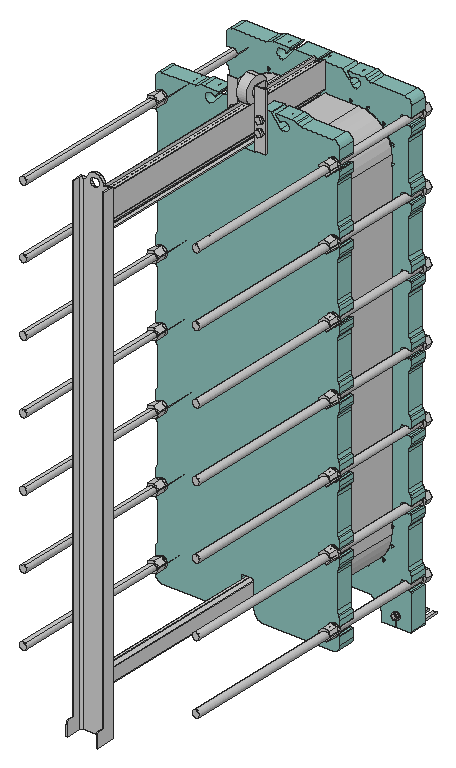
Revit family "Ekin_Endüstriyel - MIT585", category Specialty Equipment, Revit 2022 (continued)
Forms (mm)
  Extrusion 10, solid, material "Galvanized Steel- S235JR", detail levels fine
    sketch origin (0, 0, 0) x (1, 0, 0) y (0, 0, 1)
      loop
        line (304.665, 309.721) -> (310.177, 296.381) -> (324.486, 294.484) -> (333.283, 305.927) -> (327.771, 319.267) -> (313.463, 321.164) -> (304.665, 309.721)
      loop
        line (209.164, 216.866) -> (200.367, 205.423) -> (205.879, 192.083) -> (220.187, 190.186) -> (228.984, 201.629) -> (223.473, 214.969) -> (209.164, 216.866)
      loop
        line (-203.233, 497.271) -> (-216.573, 502.783) -> (-228.016, 493.986) -> (-226.119, 479.677) -> (-212.779, 474.165) -> (-201.336, 482.963) -> (-203.233, 497.271)
      loop
        line (-275.287, 463.638) -> (-289.595, 461.741) -> (-295.107, 448.401) -> (-286.31, 436.958) -> (-272.001, 438.855) -> (-266.49, 452.195) -> (-275.287, 463.638)
      loop
        line (-304.665, 309.721) -> (-313.463, 321.164) -> (-327.771, 319.267) -> (-333.283, 305.927) -> (-324.486, 294.484) -> (-310.177, 296.381) -> (-304.665, 309.721)
      loop
        line (-209.164, 216.866) -> (-223.473, 214.969) -> (-228.984, 201.629) -> (-220.187, 190.186) -> (-205.879, 192.083) -> (-200.367, 205.423) -> (-209.164, 216.866)
      loop
        line (149.767, 497.271) -> (136.427, 502.783) -> (124.984, 493.986) -> (126.881, 479.677) -> (140.221, 474.165) -> (151.664, 482.963) -> (149.767, 497.271)
      loop
        line (77.713, 463.638) -> (63.405, 461.741) -> (57.893, 448.401) -> (66.69, 436.958) -> (80.999, 438.855) -> (86.51, 452.195) -> (77.713, 463.638)
      loop
        line (48.335, 309.721) -> (39.537, 321.164) -> (25.229, 319.267) -> (19.717, 305.927) -> (28.514, 294.484) -> (42.823, 296.381) -> (48.335, 309.721)
      loop
        line (143.836, 216.866) -> (129.527, 214.969) -> (124.016, 201.629) -> (132.813, 190.186) -> (147.121, 192.083) -> (152.633, 205.423) -> (143.836, 216.866)
      loop
        line (-149.767, 497.271) -> (-151.664, 482.963) -> (-140.221, 474.165) -> (-126.881, 479.677) -> (-124.984, 493.986) -> (-136.427, 502.783) -> (-149.767, 497.271)
      loop
        line (-77.713, 463.638) -> (-86.51, 452.195) -> (-80.999, 438.855) -> (-66.69, 436.958) -> (-57.893, 448.401) -> (-63.405, 461.741) -> (-77.713, 463.638)
      loop
        line (-48.335, 309.721) -> (-42.823, 296.381) -> (-28.514, 294.484) -> (-19.717, 305.927) -> (-25.229, 319.267) -> (-39.537, 321.164) -> (-48.335, 309.721)
      loop
        line (-143.836, 216.866) -> (-152.633, 205.423) -> (-147.121, 192.083) -> (-132.813, 190.186) -> (-124.016, 201.629) -> (-129.527, 214.969) -> (-143.836, 216.866)
      loop
        line (57.893, 243.599) -> (63.405, 230.259) -> (77.713, 228.362) -> (86.51, 239.805) -> (80.999, 253.145) -> (66.69, 255.042) -> (57.893, 243.599)
      loop
        line (-57.893, 243.599) -> (-66.69, 255.042) -> (-80.999, 253.145) -> (-86.51, 239.805) -> (-77.713, 228.362) -> (-63.405, 230.259) -> (-57.893, 243.599)
      loop
        line (-295.107, 243.599) -> (-289.595, 230.259) -> (-275.287, 228.362) -> (-266.49, 239.805) -> (-272.001, 253.145) -> (-286.31, 255.042) -> (-295.107, 243.599)
      loop
        line (295.107, 243.599) -> (286.31, 255.042) -> (272.001, 253.145) -> (266.49, 239.805) -> (275.287, 228.362) -> (289.595, 230.259) -> (295.107, 243.599)
      loop
        line (47.366, 378.664) -> (45.469, 392.973) -> (32.129, 398.484) -> (20.686, 389.687) -> (22.583, 375.379) -> (35.923, 369.867) -> (47.366, 378.664)
      loop
        line (-305.634, 378.664) -> (-307.531, 392.973) -> (-320.871, 398.484) -> (-332.314, 389.687) -> (-330.417, 375.379) -> (-317.077, 369.867) -> (-305.634, 378.664)
      loop
        line (-47.366, 378.664) -> (-35.923, 369.867) -> (-22.583, 375.379) -> (-20.686, 389.687) -> (-32.129, 398.484) -> (-45.469, 392.973) -> (-47.366, 378.664)
    from -42 to -32
  Extrusion 11, solid, material "Galvanized Steel- S235JR", detail levels fine
    sketch origin (0, 0, 0) x (1, 0, 0) y (0, 0, 1)
      loop
        line (-0.441, 2005.92) -> (-12.714, 1998.325) -> (-12.274, 1983.901) -> (0.443, 1977.067) -> (12.715, 1984.661) -> (12.274, 1999.088) -> (-0.441, 2005.92)
      loop
        line (-0.441, 2065.92) -> (-12.714, 2058.325) -> (-12.274, 2043.901) -> (0.443, 2037.067) -> (12.715, 2044.661) -> (12.274, 2059.088) -> (-0.441, 2065.92)
      loop
        line (-0.441, 227.42) -> (-12.714, 219.825) -> (-12.274, 205.401) -> (0.443, 198.567) -> (12.715, 206.161) -> (12.274, 220.588) -> (-0.441, 227.42)
      loop
        line (-0.441, 167.42) -> (-12.714, 159.825) -> (-12.274, 145.401) -> (0.443, 138.567) -> (12.715, 146.161) -> (12.274, 160.588) -> (-0.441, 167.42)
    from -3 to -13
  Extrusion 12, solid, material "Galvanized Steel- S235JR", detail levels medium+fine
    sketch origin (0, 0, 0) x (1, 0, 0) y (0, 1, 0)
      loop
        line (-67.5, -1350) -> (-62.5, -1350) -> (-62.5, -1288)
        arc (-62.5, -1288) -> (-59.571, -1280.929) -> (-52.5, -1278) r 10
        line (-52.5, -1278) -> (52.5, -1278)
        arc (52.5, -1278) -> (59.571, -1280.929) -> (62.5, -1288) r 10
        line (62.5, -1288) -> (62.5, -1350) -> (67.5, -1350) -> (67.5, -1270) -> (-67.5, -1270) -> (-67.5, -1350)
    from 0 to 2169.894
  Extrusion 13, solid, material "Galvanized Steel- S235JR", detail levels medium+fine
    sketch origin (0, 0, 0) x (1, 0, 0) y (0, 0, 1)
      loop
        circle (373, 1975) r 25
      loop
        circle (373, 1675) r 25
      loop
        circle (373, 1375) r 25
      loop
        circle (373, 1075) r 25
      loop
        circle (373, 775) r 25
      loop
        circle (373, 475) r 25
      loop
        circle (373, 175) r 25
      loop
        circle (373, 175) r 13.25
      loop
        arc (359.751, 475.172) -> (373, 461.75) -> (386.249, 475.172) r 13.25
        arc (386.249, 475.172) -> (373, 488.594) -> (359.751, 475.172) r 13.25
      loop
        circle (373, 775) r 13.25
      loop
        circle (373, 1075) r 13.25
      loop
        circle (373, 1375) r 13.25
      loop
        circle (373, 1675) r 13.25
      loop
        circle (373, 1975) r 13.25
      loop
        circle (-373, 1975) r 25
      loop
        circle (-373, 1675) r 25
      loop
        circle (-373, 1375) r 25
      loop
        circle (-373, 1075) r 25
      loop
        circle (-373, 775) r 25
      loop
        circle (-373, 475) r 25
      loop
        circle (-373, 175) r 25
      loop
        circle (-373, 175) r 13.25
      loop
        arc (-359.751, 475.172) -> (-373, 488.594) -> (-386.249, 475.172) r 13.25
        arc (-386.249, 475.172) -> (-373, 461.75) -> (-359.751, 475.172) r 13.25
      loop
        circle (-373, 775) r 13.25
      loop
        circle (-373, 1075) r 13.25
      loop
        circle (-373, 1375) r 13.25
      loop
        circle (-373, 1675) r 13.25
      loop
        circle (-373, 1975) r 13.25
    from 0 to -8
  Extrusion 14, solid, material "Galvanized Steel- S235JR", detail levels fine
    sketch origin (4.063, -455, 0) x (1, 0, 0) y (0, 0, 1)
      loop
        line (-369.963, 2000.591) -> (-395.676, 1993.945) -> (-402.776, 1968.353) -> (-384.163, 1949.409) -> (-358.45, 1956.055) -> (-351.35, 1981.647) -> (-369.963, 2000.591)
      loop
        circle (-377.063, 1975) r 13.25
      loop
        line (-369.963, 1700.638) -> (-395.676, 1693.992) -> (-402.776, 1668.4) -> (-384.163, 1649.456) -> (-358.45, 1656.102) -> (-351.35, 1681.693) -> (-369.963, 1700.638)
      loop
        circle (-377.063, 1675.047) r 13.25
      loop
        line (-369.963, 1400.591) -> (-395.676, 1393.945) -> (-402.776, 1368.353) -> (-384.163, 1349.409) -> (-358.45, 1356.055) -> (-351.35, 1381.647) -> (-369.963, 1400.591)
      loop
        circle (-377.063, 1375) r 13.25
      loop
        line (-369.963, 1100.591) -> (-395.676, 1093.945) -> (-402.776, 1068.353) -> (-384.163, 1049.409) -> (-358.45, 1056.055) -> (-351.35, 1081.647) -> (-369.963, 1100.591)
      loop
        circle (-377.063, 1075) r 13.25
      loop
        line (-369.963, 800.591) -> (-395.676, 793.945) -> (-402.776, 768.353) -> (-384.163, 749.409) -> (-358.45, 756.055) -> (-351.35, 781.647) -> (-369.963, 800.591)
      loop
        circle (-377.063, 775) r 13.25
      loop
        line (-369.963, 500.591) -> (-395.676, 493.945) -> (-402.776, 468.353) -> (-384.163, 449.409) -> (-358.45, 456.055) -> (-351.35, 481.647) -> (-369.963, 500.591)
      loop
        circle (-377.063, 475) r 13.25
      loop
        line (-369.963, 200.591) -> (-395.676, 193.945) -> (-402.776, 168.353) -> (-384.163, 149.409) -> (-358.45, 156.055) -> (-351.35, 181.647) -> (-369.963, 200.591)
      loop
        circle (-377.063, 175) r 13.25
      loop
        line (361.837, 2000.591) -> (343.224, 1981.647) -> (350.324, 1956.055) -> (376.037, 1949.409) -> (394.65, 1968.353) -> (387.55, 1993.945) -> (361.837, 2000.591)
      loop
        circle (368.937, 1975) r 13.25
      loop
        line (361.837, 1700.638) -> (343.224, 1681.693) -> (350.324, 1656.102) -> (376.037, 1649.456) -> (394.65, 1668.4) -> (387.55, 1693.992) -> (361.837, 1700.638)
      loop
        circle (368.937, 1675.047) r 13.25
      loop
        line (361.837, 1400.591) -> (343.224, 1381.647) -> (350.324, 1356.055) -> (376.037, 1349.409) -> (394.65, 1368.353) -> (387.55, 1393.945) -> (361.837, 1400.591)
      loop
        circle (368.937, 1375) r 13.25
      loop
        line (361.837, 1100.591) -> (343.224, 1081.647) -> (350.324, 1056.055) -> (376.037, 1049.409) -> (394.65, 1068.353) -> (387.55, 1093.945) -> (361.837, 1100.591)
      loop
        circle (368.937, 1075) r 13.25
      loop
        line (361.837, 800.591) -> (343.224, 781.647) -> (350.324, 756.055) -> (376.037, 749.409) -> (394.65, 768.353) -> (387.55, 793.945) -> (361.837, 800.591)
      loop
        circle (368.937, 775) r 13.25
      loop
        line (361.837, 500.591) -> (343.224, 481.647) -> (350.324, 456.055) -> (376.037, 449.409) -> (394.65, 468.353) -> (387.55, 493.945) -> (361.837, 500.591)
      loop
        circle (368.937, 475) r 13.25
      loop
        line (361.837, 200.591) -> (343.224, 181.647) -> (350.324, 156.055) -> (376.037, 149.409) -> (394.65, 168.353) -> (387.55, 193.945) -> (361.837, 200.591)
      loop
        circle (368.937, 175) r 13.25
    from 8 to 48.4
  Extrusion 15, solid, material "Galvanized Steel- S235JR", detail levels fine
    sketch origin (4.063, -455, 0) x (1, 0, 0) y (0, 0, 1)
      loop
        circle (-377.063, 1975) r 25
      loop
        circle (-377.063, 1675) r 25
      loop
        circle (-377.063, 1375) r 25
      loop
        circle (-377.063, 1075) r 25
      loop
        circle (-377.063, 775) r 25
      loop
        circle (-377.063, 475) r 25
      loop
        circle (-377.063, 175) r 25
      loop
        circle (368.937, 1975) r 25
      loop
        circle (368.937, 1675) r 25
      loop
        circle (368.937, 1375) r 25
      loop
        circle (368.937, 1075) r 25
      loop
        circle (368.937, 775) r 25
      loop
        circle (368.937, 475) r 25
      loop
        circle (368.937, 175) r 25
    from 8 to 0
  Extrusion 16, solid, material "Galvanized Steel- S235JR", detail levels medium+fine
    sketch origin (0, 0, 0) x (1, 0, 0) y (0, 0, 1)
      loop
        line (386.341, 1997.964) -> (359.783, 1998.036) -> (346.442, 1975.072) -> (359.659, 1952.036) -> (386.217, 1951.964) -> (399.558, 1974.928) -> (386.341, 1997.964)
      loop
        line (386.341, 1697.964) -> (359.783, 1698.036) -> (346.442, 1675.072) -> (359.659, 1652.036) -> (386.217, 1651.964) -> (399.558, 1674.928) -> (386.341, 1697.964)
      loop
        line (386.341, 1397.964) -> (359.783, 1398.036) -> (346.442, 1375.072) -> (359.659, 1352.036) -> (386.217, 1351.964) -> (399.558, 1374.928) -> (386.341, 1397.964)
      loop
        line (386.341, 1097.964) -> (359.783, 1098.036) -> (346.442, 1075.072) -> (359.659, 1052.036) -> (386.217, 1051.964) -> (399.558, 1074.928) -> (386.341, 1097.964)
      loop
        line (386.341, 798.308) -> (359.783, 798.38) -> (346.442, 775.416) -> (359.659, 752.38) -> (386.217, 752.308) -> (399.558, 775.272) -> (386.341, 798.308)
      loop
        line (386.341, 498.308) -> (359.783, 498.38) -> (346.442, 475.416) -> (359.659, 452.38) -> (386.217, 452.308) -> (399.558, 475.272) -> (386.341, 498.308)
      loop
        line (386.341, 197.876) -> (359.783, 197.948) -> (346.442, 174.984) -> (359.659, 151.948) -> (386.217, 151.876) -> (399.558, 174.84) -> (386.341, 197.876)
      loop
        line (-386.341, 1997.964) -> (-399.558, 1974.928) -> (-386.217, 1951.964) -> (-359.659, 1952.036) -> (-346.442, 1975.072) -> (-359.783, 1998.036) -> (-386.341, 1997.964)
      loop
        line (-386.341, 1697.964) -> (-399.558, 1674.928) -> (-386.217, 1651.964) -> (-359.659, 1652.036) -> (-346.442, 1675.072) -> (-359.783, 1698.036) -> (-386.341, 1697.964)
      loop
        line (-386.341, 1397.964) -> (-399.558, 1374.928) -> (-386.217, 1351.964) -> (-359.659, 1352.036) -> (-346.442, 1375.072) -> (-359.783, 1398.036) -> (-386.341, 1397.964)
      loop
        line (-386.341, 1097.964) -> (-399.558, 1074.928) -> (-386.217, 1051.964) -> (-359.659, 1052.036) -> (-346.442, 1075.072) -> (-359.783, 1098.036) -> (-386.341, 1097.964)
      loop
        line (-386.341, 798.308) -> (-399.558, 775.272) -> (-386.217, 752.308) -> (-359.659, 752.38) -> (-346.442, 775.416) -> (-359.783, 798.38) -> (-386.341, 798.308)
      loop
        line (-386.341, 498.308) -> (-399.558, 475.272) -> (-386.217, 452.308) -> (-359.659, 452.38) -> (-346.442, 475.416) -> (-359.783, 498.38) -> (-386.341, 498.308)
      loop
        line (-386.341, 197.876) -> (-399.558, 174.84) -> (-386.217, 151.876) -> (-359.659, 151.948) -> (-346.442, 174.984) -> (-359.783, 197.948) -> (-386.341, 197.876)
    from -8 to -38.2
  Extrusion 17, solid, material "Galvanized Steel- S235JR", detail levels fine
    sketch origin (0, 0, 0) x (1, 0, 0) y (0, 0, 1)
      loop
        circle (176.5, 1824) r 170
      loop
        circle (176.5, 1824) r 110.75
      loop
        circle (318.974, 1862.176) r 7
      loop
        circle (318.974, 1785.824) r 7
      loop
        circle (280.798, 1928.298) r 7
      loop
        circle (214.676, 1966.474) r 7
      loop
        circle (280.798, 1719.702) r 7
      loop
        circle (214.676, 1681.526) r 7
      loop
        circle (34.026, 1862.176) r 7
      loop
        circle (34.026, 1785.824) r 7
      loop
        circle (72.202, 1928.298) r 7
      loop
        circle (138.324, 1966.474) r 7
      loop
        circle (72.202, 1719.702) r 7
      loop
        circle (138.324, 1681.526) r 7
      loop
        circle (176.5, 346) r 170
      loop
        circle (176.5, 346) r 110.75
      loop
        circle (318.974, 384.176) r 7
      loop
        circle (318.974, 307.824) r 7
      loop
        circle (280.798, 450.298) r 7
      loop
        circle (214.676, 488.474) r 7
      loop
        circle (280.798, 241.702) r 7
      loop
        circle (214.676, 203.526) r 7
      loop
        circle (34.026, 384.176) r 7
      loop
        circle (34.026, 307.824) r 7
      loop
        circle (72.202, 450.298) r 7
      loop
        circle (138.324, 488.474) r 7
      loop
        circle (72.202, 241.702) r 7
      loop
        circle (138.324, 203.526) r 7
      loop
        circle (-176.5, 1824) r 170
      loop
        circle (-176.5, 1824) r 110.75
      loop
        circle (-318.974, 1862.176) r 7
      loop
        circle (-318.974, 1785.824) r 7
      loop
        circle (-280.798, 1928.298) r 7
      loop
        circle (-214.676, 1966.474) r 7
      loop
        circle (-280.798, 1719.702) r 7
      loop
        circle (-214.676, 1681.526) r 7
      loop
        circle (-34.026, 1862.176) r 7
      loop
        circle (-34.026, 1785.824) r 7
      loop
        circle (-72.202, 1928.298) r 7
      loop
        circle (-138.324, 1966.474) r 7
      loop
        circle (-72.202, 1719.702) r 7
      loop
        circle (-138.324, 1681.526) r 7
      loop
        circle (-176.5, 346) r 170
      loop
        circle (-176.5, 346) r 110.75
      loop
        circle (-318.974, 384.176) r 7
      loop
        circle (-318.974, 307.824) r 7
      loop
        circle (-280.798, 450.298) r 7
      loop
        circle (-214.676, 488.474) r 7
      loop
        circle (-280.798, 241.702) r 7
      loop
        circle (-214.676, 203.526) r 7
      loop
        circle (-34.026, 384.176) r 7
      loop
        circle (-34.026, 307.824) r 7
      loop
        circle (-72.202, 450.298) r 7
      loop
        circle (-138.324, 488.474) r 7
      loop
        circle (-72.202, 241.702) r 7
      loop
        circle (-138.324, 203.526) r 7
    from -30 to 0
  Extrusion 18, void
    sketch origin (202.5, -37.5, 7.5) x (0, 1, 0) y (-1, 0, 0)
      loop
        line (122.5, -82.031) -> (122.5, 486.875) -> (37.5, 486.875) -> (37.5, -82.031) -> (122.5, -82.031)
      loop
        line (88.664, -115.031) -> (122.5, -115.031) -> (122.5, -98.031) -> (88.664, -98.031)
        arc (88.664, -98.031) -> (72, -106.531) -> (88.664, -115.031) r 10.5
      loop
        line (88.664, -165.031) -> (122.5, -165.031) -> (122.5, -148.031) -> (88.664, -148.031)
        arc (88.664, -148.031) -> (72, -156.531) -> (88.664, -165.031) r 10.5
      loop
        line (88.664, 502.875) -> (122.5, 502.875) -> (122.5, 519.875) -> (88.664, 519.875)
        arc (88.664, 519.875) -> (72, 511.375) -> (88.664, 502.875) r 10.5
      loop
        line (88.664, 552.875) -> (122.5, 552.875) -> (122.5, 569.875) -> (88.664, 569.875)
        arc (88.664, 569.875) -> (72, 561.375) -> (88.664, 552.875) r 10.5
    from -7.5 to 77.5
  Extrusion 19, solid, material "Galvanized Steel- S235JR"
    sketch origin (0, 0, 0) x (0, 1, 0) y (0, 0, 1)
      loop
        line (8, 11) -> (8, 85) -> (0, 85) -> (0, 3)
        arc (0, 3) -> (0.879, 0.879) -> (3, 0) r 3
        line (3, 0) -> (85, 0) -> (85, 8) -> (11, 8)
        arc (11, 8) -> (8.879, 8.879) -> (8, 11) r 3
    from -384 to 384
  Extrusion 20, solid, material "Galvanized Steel- S235JR", detail levels fine
    sketch origin (0, 0, 0) x (1, 0, 0) y (0, 0, 1)
      loop
        circle (0, 2051.5) r 15
      loop
        circle (0, 1991.5) r 15
      loop
        circle (0, 213) r 15
      loop
        circle (0, 153) r 15
    from 0 to -3
  Extrusion 21, solid, material "Galvanized Steel- S235JR", detail levels fine
    sketch origin (0, 0, 0) x (1, 0, 0) y (0, 0, 1)
      loop
        circle (176.5, 1824) r 134
      loop
        circle (176.5, 1824) r 90
      loop
        circle (176.5, 346) r 134
      loop
        circle (176.5, 346) r 90
      loop
        circle (-176.5, 1824) r 134
      loop
        circle (-176.5, 1824) r 90
      loop
        circle (-176.5, 346) r 134
      loop
        circle (-176.5, 346) r 90
    from 0 to 70
  Extrusion 22, solid, material "Galvanized Steel- S235JR"
    sketch origin (4.063, -455, 259.967) x (1, 0, 0) y (0, 0, 1)
      loop
        line (77.937, 1650.6) -> (77.937, 1900.6) -> (32.937, 1900.6) -> (32.937, 1650.6) -> (77.937, 1650.6)
      loop
        line (-86.063, 1650.6) -> (-41.063, 1650.6) -> (-41.063, 1900.6) -> (-86.063, 1900.6) -> (-86.063, 1650.6)
      loop
        circle (-61.775, 1778.105) r 8
      loop
        circle (-61.775, 1728.105) r 8
      loop
        circle (53.645, 1778.105) r 8
      loop
        circle (53.645, 1728.105) r 8
    from 6 to 2
  Extrusion 23, solid, material "Galvanized Steel- S235JR"
    sketch origin (4.063, -457, 259.967) x (-1, 0, 0) y (0, 0, 1)
      loop
        line (-32.937, 1650.6) -> (-32.937, 1900.6) -> (-36.937, 1900.6) -> (-36.937, 1650.6) -> (-32.937, 1650.6)
      loop
        line (41.063, 1650.6) -> (45.063, 1650.6) -> (45.063, 1900.6) -> (41.063, 1900.6) -> (41.063, 1650.6)
    from 0 to 42
  Extrusion 24, solid, material "Galvanized Steel- S235JR"
    sketch origin (-37, -451.687, 1936.497) x (0, 0, 1) y (0, -1, 0)
      loop
        circle (190, -19) r 55
      loop
        circle (190, -19) r 25
    from 17 to 57
  Extrusion 25, solid, material "Galvanized Steel- S235JR"
    sketch origin (-37, -451.688, 1936.506) x (0, 0, 1) y (0, -1, 0)
      loop
        circle (190, -19) r 24.5
    from 0 to 74
  Extrusion 26, solid, material "Galvanized Steel- S235JR"
    sketch origin (-37, -451.687, 1936.497) x (0, 0, 1) y (0, -1, 0)
      loop
        circle (190, -19) r 8
    from -24.052 to 98.5
  Extrusion 27, solid, material "Galvanized Steel- S235JR", detail levels fine
    sketch origin (-37, -451.687, 1936.497) x (0, 0, 1) y (0, -1, 0)
      loop
        line (202.813, -23.837) -> (199.73, -9.822) -> (186.917, -5.985) -> (177.187, -15.163) -> (180.27, -29.178) -> (193.083, -33.015) -> (202.813, -23.837)
    from -15 to 89
  Extrusion 28, solid, material "Galvanized Steel- S235JR", detail levels fine
    sketch origin (-37, -451.687, 1936.497) x (0, 0, 1) y (0, -1, 0)
      loop
        circle (190, -19) r 15
    from -7 to 81
  Extrusion 29, solid, material "Galvanized Steel- S235JR", detail levels medium+fine
    sketch origin (4.063, -455, 620) x (1, 0, 0) y (0, 0, 1)
      loop
        circle (53.645, 1418.117) r 15
      loop
        circle (53.645, 1368.117) r 15
      loop
        circle (-61.771, 1418.117) r 15
      loop
        circle (-61.771, 1368.117) r 15
    from 7.3 to 6
  Extrusion 30, solid, material "Galvanized Steel- S235JR", detail levels medium+fine
    sketch origin (4.063, -455, 620) x (1, 0, 0) y (0, 0, 1)
      loop
        line (66.637, 1424.403) -> (54.697, 1432.512) -> (41.704, 1426.226) -> (40.652, 1411.83) -> (52.592, 1403.721) -> (65.585, 1410.007) -> (66.637, 1424.403)
      loop
        line (54.697, 1382.512) -> (41.704, 1376.226) -> (40.652, 1361.83) -> (52.592, 1353.721) -> (65.585, 1360.007) -> (66.637, 1374.403) -> (54.697, 1382.512)
      loop
        line (-74.764, 1424.403) -> (-73.711, 1410.007) -> (-60.718, 1403.721) -> (-48.778, 1411.83) -> (-49.83, 1426.226) -> (-62.823, 1432.512) -> (-74.764, 1424.403)
      loop
        line (-62.823, 1382.512) -> (-74.764, 1374.403) -> (-73.711, 1360.007) -> (-60.718, 1353.721) -> (-48.778, 1361.83) -> (-49.83, 1376.226) -> (-62.823, 1382.512)
    from 17.3 to 7.3
  Extrusion 31, solid, material "AISI 316L/Titanium/Hastelloy", detail levels fine
    sketch origin (4.063, -385, 278.462) x (-1, 0, 0) y (0, 0, 1)
      loop
        circle (61.775, 1759.61) r 15
      loop
        circle (61.775, 1709.61) r 15
      loop
        circle (-53.645, 1759.61) r 15
      loop
        circle (-53.645, 1709.61) r 15
    from 0 to 2.7
  Extrusion 32, solid, material "AISI 316L/Titanium/Hastelloy", detail levels fine
    sketch origin (4.063, -385, 620) x (-1, 0, 0) y (0, 0, 1)
      loop
        line (73.378, 1424.725) -> (61.815, 1431.447) -> (50.212, 1424.794) -> (50.173, 1411.419) -> (61.736, 1404.697) -> (73.339, 1411.35) -> (73.378, 1424.725)
      loop
        line (61.815, 1381.447) -> (50.212, 1374.794) -> (50.173, 1361.419) -> (61.736, 1354.697) -> (73.339, 1361.35) -> (73.378, 1374.725) -> (61.815, 1381.447)
      loop
        line (-65.252, 1424.725) -> (-65.213, 1411.35) -> (-53.61, 1404.697) -> (-42.047, 1411.419) -> (-42.086, 1424.794) -> (-53.689, 1431.447) -> (-65.252, 1424.725)
      loop
        line (-53.689, 1381.447) -> (-65.252, 1374.725) -> (-65.213, 1361.35) -> (-53.61, 1354.697) -> (-42.047, 1361.419) -> (-42.086, 1374.794) -> (-53.689, 1381.447)
    from 3 to 10.7
  Extrusion 33, solid, material "AISI 316L/Titanium/Hastelloy"
    sketch origin (4.063, -385, 620) x (-1, 0, 0) y (0, 0, 1)
      loop
        circle (61.775, 1418.072) r 8
      loop
        circle (61.775, 1368.072) r 8
      loop
        circle (-53.645, 1418.072) r 8
      loop
        circle (-53.645, 1368.072) r 8
    from -76 to 24.122
  Extrusion 34, solid, material "AISI 316L/Titanium/Hastelloy", detail levels fine
    sketch origin (0, -70, 0) x (-1, 0, 0) y (0, 0, 1)
      loop
        arc (7.916, 1931.745) -> (0, 1933.5) -> (-7.916, 1931.745) r 18.731
        line (-7.916, 1931.745) -> (-25.464, 1923.562)
        arc (-25.464, 1923.562) -> (-33.03, 1925.728) -> (-31.943, 1933.522) r 6
        line (-31.943, 1933.522) -> (-20.5, 1943.5) -> (-20.5, 1949.5) -> (-30, 1959) -> (-172, 1959)
        arc (-172, 1959) -> (-270.995, 1917.995) -> (-312, 1819) r 140
        line (-312, 1819) -> (-312, 351)
        arc (-312, 351) -> (-270.995, 252.005) -> (-172, 211) r 140
        line (-172, 211) -> (-30, 211) -> (-20.5, 220.5) -> (-20.5, 226.5) -> (-31.943, 236.478)
        arc (-31.943, 236.478) -> (-33.03, 244.272) -> (-25.464, 246.438) r 6
        line (-25.464, 246.438) -> (-7.916, 238.255)
        arc (-7.916, 238.255) -> (0, 236.5) -> (7.916, 238.255) r 18.731
        line (7.916, 238.255) -> (25.464, 246.438)
        arc (25.464, 246.438) -> (33.03, 244.272) -> (31.943, 236.478) r 6
        line (31.943, 236.478) -> (20.5, 226.5) -> (20.5, 220.5) -> (30, 211) -> (172, 211)
        arc (172, 211) -> (270.995, 252.005) -> (312, 351) r 140
        line (312, 351) -> (312, 1819)
        arc (312, 1819) -> (270.995, 1917.995) -> (172, 1959) r 140
        line (172, 1959) -> (30, 1959) -> (20.5, 1949.5) -> (20.5, 1943.5) -> (31.943, 1933.522)
        arc (31.943, 1933.522) -> (33.03, 1925.728) -> (25.464, 1923.562) r 6
        line (25.464, 1923.562) -> (7.916, 1931.745)
      loop
        circle (-176.5, 1824) r 100
      loop
        circle (176.5, 1824) r 100
      loop
        circle (-176.5, 346) r 100
      loop
        circle (176.5, 346) r 100
    from 0 to -315
  Extrusion 35, void
    sketch origin (-52.5, -1278, 0) x (1, 0, 0) y (0, 0, 1)
      loop
        arc (17, 2134) -> (52.5, 2169.5) -> (88, 2134) r 35.5
        line (88, 2134) -> (120, 2134) -> (120, 2211.368) -> (-15, 2211.368) -> (-15, 2134) -> (17, 2134)
      loop
        circle (52.5, 2132.5) r 20
    from -8 to 72
  Extrusion 36, void
    sketch origin (-67.5, -1350, 0) x (0, 1, 0) y (0, 0, -1)
      loop
        arc (15, -60) -> (4.393, -55.607) -> (0, -45) r 15
        line (0, -45) -> (0, -2134) -> (35, -2134) -> (35, -60) -> (15, -60)
    from -143.878 to 16.14
  Extrusion 37, solid, material "Galvanized Steel- S235JR", detail levels fine
    sketch origin (0, 0, 0) x (1, 0, 0) y (0, 0, 1)
      loop
        circle (334, 45) r 15
      loop
        circle (-334, 45) r 15
    from -11 to -8
  Extrusion 38, solid, material "Galvanized Steel", detail levels medium
    sketch origin (4.063, 0, 0) x (1, 0, 0) y (0, 0, 1)
      loop
        line (195.437, 2080) -> (-203.563, 2080) -> (-224.348, 2068) -> (-373.063, 2068)
        arc (-373.063, 2068) -> (-394.276, 2059.213) -> (-403.063, 2038) r 30
        line (-403.063, 2038) -> (-403.063, 5)
        arc (-403.063, 5) -> (-401.599, 1.464) -> (-398.063, 0) r 5
        line (-398.063, 0) -> (-278.063, 0)
        arc (-278.063, 0) -> (-274.527, 1.464) -> (-273.063, 5) r 5
        line (-273.063, 5) -> (-273.063, 38.787)
        arc (-273.063, 38.787) -> (-271.921, 44.527) -> (-268.67, 49.393) r 15
        line (-268.67, 49.393) -> (-232.456, 85.607)
        arc (-232.456, 85.607) -> (-227.59, 88.858) -> (-221.85, 90) r 15
        line (-221.85, 90) -> (213.724, 90)
        arc (213.724, 90) -> (219.464, 88.858) -> (224.33, 85.607) r 15
        line (224.33, 85.607) -> (260.544, 49.393)
        arc (260.544, 49.393) -> (263.795, 44.527) -> (264.937, 38.787) r 15
        line (264.937, 38.787) -> (264.937, 5)
        arc (264.937, 5) -> (266.401, 1.464) -> (269.937, 0) r 5
        line (269.937, 0) -> (389.937, 0)
        arc (389.937, 0) -> (393.473, 1.464) -> (394.937, 5) r 5
        line (394.937, 5) -> (394.937, 2038)
        arc (394.937, 2038) -> (386.15, 2059.213) -> (364.937, 2068) r 30
        line (364.937, 2068) -> (216.222, 2068) -> (195.437, 2080)
      loop
        circle (172.437, 1824) r 134
      loop
        circle (172.437, 346) r 134
      loop
        circle (368.937, 175) r 21
      loop
        circle (368.937, 475) r 21
      loop
        circle (368.937, 775) r 21
      loop
        circle (368.937, 1075) r 21
      loop
        circle (368.937, 1375) r 21
      loop
        circle (368.937, 1675) r 21
      loop
        circle (368.937, 1975) r 21
      loop
        circle (155.937, 2045) r 21
      loop
        circle (-4.063, 153) r 9.5
      loop
        circle (-4.063, 213) r 9.5
      loop
        circle (329.937, 45) r 10.5
      loop
        circle (-4.063, 1991.5) r 9.5
      loop
        circle (-4.063, 2051.5) r 9.5
      loop
        circle (-180.563, 1824) r 134
      loop
        circle (-180.563, 346) r 134
      loop
        circle (-377.063, 175) r 21
      loop
        circle (-377.063, 475) r 21
      loop
        circle (-377.063, 775) r 21
      loop
        circle (-377.063, 1075) r 21
      loop
        circle (-377.063, 1375) r 21
      loop
        circle (-377.063, 1675) r 21
      loop
        circle (-377.063, 1975) r 21
      loop
        circle (-164.063, 2045) r 21
      loop
        circle (-338.063, 45) r 10.5
    from 0 to 70
  Extrusion 39, solid, material "Galvanized Steel", detail levels medium
    sketch origin (4.063, -385, 0) x (-1, 0, 0) y (0, 0, 1)
      loop
        line (31.563, 90) -> (403.063, 90) -> (403.063, 2038)
        arc (403.063, 2038) -> (394.276, 2059.213) -> (373.063, 2068) r 30
        line (373.063, 2068) -> (224.348, 2068) -> (203.563, 2080) -> (62.313, 2080) -> (62.313, 2055) -> (45.063, 2055) -> (45.063, 1903.5)
        arc (45.063, 1903.5) -> (44.184, 1901.379) -> (42.063, 1900.5) r 3
        line (42.063, 1900.5) -> (-33.937, 1900.5)
        arc (-33.937, 1900.5) -> (-36.058, 1901.379) -> (-36.937, 1903.5) r 3
        line (-36.937, 1903.5) -> (-36.937, 2055) -> (-54.187, 2055) -> (-54.187, 2080) -> (-195.437, 2080) -> (-216.222, 2068) -> (-364.937, 2068)
        arc (-364.937, 2068) -> (-386.15, 2059.213) -> (-394.937, 2038) r 30
        line (-394.937, 2038) -> (-394.937, 90) -> (-23.437, 90) -> (-23.437, 250) -> (31.563, 250) -> (31.563, 90)
      loop
        circle (-368.937, 175) r 21
      loop
        circle (-368.937, 475) r 21
      loop
        circle (-368.937, 775) r 21
      loop
        circle (-368.937, 1075) r 21
      loop
        circle (-368.937, 1375) r 21
      loop
        circle (-368.937, 1675) r 21
      loop
        circle (-368.937, 1975) r 21
      loop
        circle (-155.937, 2045) r 21
      loop
        circle (377.063, 175) r 21
      loop
        circle (377.063, 475) r 21
      loop
        circle (377.063, 775) r 21
      loop
        circle (377.063, 1075) r 21
      loop
        circle (377.063, 1375) r 21
      loop
        circle (377.063, 1675) r 21
      loop
        circle (377.063, 1975) r 21
      loop
        circle (164.063, 2045) r 21
      loop
        circle (61.771, 1988.072) r 10.5
      loop
        circle (-53.645, 2038.072) r 10.5
      loop
        circle (-53.645, 1988.072) r 10.5
      loop
        circle (61.771, 2038.072) r 10.5
    from 0 to -70 <- "Follower Plate"
  Extrusion 40, solid, material "Galvanized Steel- S235JR", detail levels medium
    sketch origin (0, 0, 0) x (1, 0, 0) y (0, 0, 1)
      loop
        circle (176.5, 1824) r 170
      loop
        circle (176.5, 1824) r 110.75
      loop
        circle (176.5, 346) r 170
      loop
        circle (176.5, 346) r 110.75
      loop
        circle (-176.5, 1824) r 170
      loop
        circle (-176.5, 1824) r 110.75
      loop
        circle (-176.5, 346) r 170
      loop
        circle (-176.5, 346) r 110.75
    from -30 to 0
  Extrusion 41, solid, material "Galvanized Steel- S235JR", detail levels medium
    sketch origin (0, 0, 0) x (1, 0, 0) y (0, 0, 1)
      loop
        circle (176.5, 1824) r 134
      loop
        circle (176.5, 1824) r 90
      loop
        circle (176.5, 346) r 134
      loop
        circle (176.5, 346) r 90
      loop
        circle (-176.5, 1824) r 134
      loop
        circle (-176.5, 1824) r 90
      loop
        circle (-176.5, 346) r 134
      loop
        circle (-176.5, 346) r 90
    from 0 to 55
  Extrusion 42, solid, material "AISI 316L/Titanium/Hastelloy", detail levels medium
    sketch origin (0, -70, 0) x (-1, 0, 0) y (0, 0, 1)
      loop
        arc (7.916, 1931.745) -> (0, 1933.5) -> (-7.916, 1931.745) r 18.731
        line (-7.916, 1931.745) -> (-25.464, 1923.562)
        arc (-25.464, 1923.562) -> (-33.03, 1925.728) -> (-31.943, 1933.522) r 6
        line (-31.943, 1933.522) -> (-20.5, 1943.5) -> (-20.5, 1949.5) -> (-30, 1959) -> (-172, 1959)
        arc (-172, 1959) -> (-270.995, 1917.995) -> (-312, 1819) r 140
        line (-312, 1819) -> (-312, 351)
        arc (-312, 351) -> (-270.995, 252.005) -> (-172, 211) r 140
        line (-172, 211) -> (-30, 211) -> (-20.5, 220.5) -> (-20.5, 226.5) -> (-31.943, 236.478)
        arc (-31.943, 236.478) -> (-33.03, 244.272) -> (-25.464, 246.438) r 6
        line (-25.464, 246.438) -> (-7.916, 238.255)
        arc (-7.916, 238.255) -> (0, 236.5) -> (7.916, 238.255) r 18.731
        line (7.916, 238.255) -> (25.464, 246.438)
        arc (25.464, 246.438) -> (33.03, 244.272) -> (31.943, 236.478) r 6
        line (31.943, 236.478) -> (20.5, 226.5) -> (20.5, 220.5) -> (30, 211) -> (172, 211)
        arc (172, 211) -> (270.995, 252.005) -> (312, 351) r 140
        line (312, 351) -> (312, 1819)
        arc (312, 1819) -> (270.995, 1917.995) -> (172, 1959) r 140
        line (172, 1959) -> (30, 1959) -> (20.5, 1949.5) -> (20.5, 1943.5) -> (31.943, 1933.522)
        arc (31.943, 1933.522) -> (33.03, 1925.728) -> (25.464, 1923.562) r 6
        line (25.464, 1923.562) -> (7.916, 1931.745)
      loop
        circle (-176.5, 1824) r 100
      loop
        circle (176.5, 1824) r 100
      loop
        circle (-176.5, 346) r 100
      loop
        circle (176.5, 346) r 100
    from 0 to -315
  Extrusion 43, solid, material "Galvanized Steel", detail levels coarse
    sketch origin (4.063, 0, 0) x (1, 0, 0) y (0, 0, 1)
      loop
        line (-403.063, 2080) -> (-403.063, 5)
        arc (-403.063, 5) -> (-401.599, 1.464) -> (-398.063, 0) r 5
        line (-398.063, 0) -> (389.937, 0)
        arc (389.937, 0) -> (393.473, 1.464) -> (394.937, 5) r 5
        line (394.937, 5) -> (394.937, 2080) -> (-403.063, 2080)
      loop
        circle (368.937, 175) r 21
      loop
        circle (368.937, 475) r 21
      loop
        circle (368.937, 775) r 21
      loop
        circle (368.937, 1075) r 21
      loop
        circle (368.937, 1375) r 21
      loop
        circle (368.937, 1675) r 21
      loop
        circle (368.937, 1975) r 21
      loop
        circle (155.937, 2045) r 21
      loop
        circle (-4.063, 153) r 9.5
      loop
        circle (-4.063, 213) r 9.5
      loop
        circle (329.937, 45) r 10.5
      loop
        circle (-4.063, 1991.5) r 9.5
      loop
        circle (-4.063, 2051.5) r 9.5
      loop
        circle (-377.063, 175) r 21
      loop
        circle (-377.063, 475) r 21
      loop
        circle (-377.063, 775) r 21
      loop
        circle (-377.063, 1075) r 21
      loop
        circle (-377.063, 1375) r 21
      loop
        circle (-377.063, 1675) r 21
      loop
        circle (-377.063, 1975) r 21
      loop
        circle (-164.063, 2045) r 21
      loop
        circle (-338.063, 45) r 10.5
    from 0 to 70
  Extrusion 44, solid, material "Galvanized Steel", detail levels coarse
    sketch origin (4.063, -385, 0) x (-1, 0, 0) y (0, 0, 1)
      loop
        line (31.563, 90) -> (403.063, 90) -> (403.063, 2080) -> (62.313, 2080) -> (62.313, 2055) -> (45.063, 2055) -> (45.063, 1903.5)
        arc (45.063, 1903.5) -> (44.184, 1901.379) -> (42.063, 1900.5) r 3
        line (42.063, 1900.5) -> (-33.937, 1900.5)
        arc (-33.937, 1900.5) -> (-36.058, 1901.379) -> (-36.937, 1903.5) r 3
        line (-36.937, 1903.5) -> (-36.937, 2055) -> (-54.187, 2055) -> (-54.187, 2080) -> (-394.937, 2080) -> (-394.937, 90) -> (-23.437, 90) -> (-23.437, 250) -> (31.563, 250) -> (31.563, 90)
      loop
        circle (-368.937, 175) r 21
      loop
        circle (-368.937, 475) r 21
      loop
        circle (-368.937, 775) r 21
      loop
        circle (-368.937, 1075) r 21
      loop
        circle (-368.937, 1375) r 21
      loop
        circle (-368.937, 1675) r 21
      loop
        circle (-368.937, 1975) r 21
      loop
        circle (-155.937, 2045) r 21
      loop
        circle (377.063, 175) r 21
      loop
        circle (377.063, 475) r 21
      loop
        circle (377.063, 775) r 21
      loop
        circle (377.063, 1075) r 21
      loop
        circle (377.063, 1375) r 21
      loop
        circle (377.063, 1675) r 21
      loop
        circle (377.063, 1975) r 21
      loop
        circle (164.063, 2045) r 21
      loop
        circle (61.771, 1988.072) r 10.5
      loop
        circle (-53.645, 2038.072) r 10.5
      loop
        circle (-53.645, 1988.072) r 10.5
      loop
        circle (61.771, 2038.072) r 10.5
    from 0 to -70 <- "Follower Plate"
  Extrusion 45, solid, material "Galvanized Steel- S235JR", detail levels coarse
    sketch origin (0, 0, 0) x (1, 0, 0) y (0, 0, 1)
      loop
        circle (176.5, 1824) r 170
      loop
        circle (176.5, 346) r 170
      loop
        circle (-176.5, 1824) r 170
      loop
        circle (-176.5, 346) r 170
    from -30 to 0
  Extrusion 46, solid, material "AISI 316L/Titanium/Hastelloy", detail levels coarse
    sketch origin (0, -70, 0) x (-1, 0, 0) y (0, 0, 1)
      loop
        arc (7.916, 1931.745) -> (0, 1933.5) -> (-7.916, 1931.745) r 18.731
        line (-7.916, 1931.745) -> (-25.464, 1923.562)
        arc (-25.464, 1923.562) -> (-33.03, 1925.728) -> (-31.943, 1933.522) r 6
        line (-31.943, 1933.522) -> (-20.5, 1943.5) -> (-20.5, 1949.5) -> (-30, 1959) -> (-172, 1959)
        arc (-172, 1959) -> (-270.995, 1917.995) -> (-312, 1819) r 140
        line (-312, 1819) -> (-312, 351)
        arc (-312, 351) -> (-270.995, 252.005) -> (-172, 211) r 140
        line (-172, 211) -> (-30, 211) -> (-20.5, 220.5) -> (-20.5, 226.5) -> (-31.943, 236.478)
        arc (-31.943, 236.478) -> (-33.03, 244.272) -> (-25.464, 246.438) r 6
        line (-25.464, 246.438) -> (-7.916, 238.255)
        arc (-7.916, 238.255) -> (0, 236.5) -> (7.916, 238.255) r 18.731
        line (7.916, 238.255) -> (25.464, 246.438)
        arc (25.464, 246.438) -> (33.03, 244.272) -> (31.943, 236.478) r 6
        line (31.943, 236.478) -> (20.5, 226.5) -> (20.5, 220.5) -> (30, 211) -> (172, 211)
        arc (172, 211) -> (270.995, 252.005) -> (312, 351) r 140
        line (312, 351) -> (312, 1819)
        arc (312, 1819) -> (270.995, 1917.995) -> (172, 1959) r 140
        line (172, 1959) -> (30, 1959) -> (20.5, 1949.5) -> (20.5, 1943.5) -> (31.943, 1933.522)
        arc (31.943, 1933.522) -> (33.03, 1925.728) -> (25.464, 1923.562) r 6
        line (25.464, 1923.562) -> (7.916, 1931.745)
    from 0 to -315
  Extrusion 47, solid, material "AISI 316L/Titanium/Hastelloy", detail levels coarse
    sketch origin (0, 0, 0) x (0, 1, 0) y (1, 0, 0)
      loop
        line (-1270, 67.5) -> (-1350, 67.5) -> (-1350, -67.5) -> (-1270, -67.5) -> (-1270, 67.5)
    from 0 to -2170
Cuts and joins
  Extrusion 18 cuts Extrusion 19
  joined: Extrusion 22, Extrusion 23
  joined: Extrusion 17, Extrusion 21
  joined: Extrusion 24, Extrusion 25
  Extrusion 35, Extrusion 36 cuts Extrusion 12
Dimensions and locks
  "Lk": plane 7 "1" to plane 6 "2"
  "Head & Follower Plate": plane 1 "Center (Front/Back)" to plane 7 "1"
  "Lc": plane 7 "1" to plane 8 "3"
  "Lc": plane 10 to plane 1 "Center (Front/Back)"
  locked: Extrusion 12 sketch curve to Extrusion 12 sketch curve at 80
  locked: Extrusion 33 to plane 6 "2" at 24.122
  aligned and locked: level to plane 2
  aligned and locked: Extrusion 1 to plane 7 "1"
  aligned and locked: Extrusion 1 to plane 1 "Center (Front/Back)"
  aligned and locked: Extrusion 4 to plane 10
  aligned and locked: Extrusion 4 to plane 1 "Center (Front/Back)"
  aligned and locked: Extrusion 3 to plane 8 "3"
  aligned and locked: Extrusion 3 to Extrusion 1
  aligned and locked: Extrusion 12 sketch curve to Extrusion 12 sketch curve
  aligned and locked: Extrusion 33 to Extrusion 29
  aligned and locked: Extrusion 1 to cut or joined group of Extrusion 17, Extrusion 21
  aligned and locked: Extrusion 34 to Extrusion 2
  aligned and locked: Extrusion 42 to Extrusion 39
  aligned and locked: Extrusion 46 to Extrusion 44
  aligned and locked: Extrusion 47 sketch curve to cut or joined group of Extrusion 12, Extrusion 35, Extrusion 36  (x4)
  aligned and locked: Extrusion 43 to Extrusion 1
  aligned and locked: Extrusion 38 to Extrusion 43
Automatic sketch dimensions
  Extrusion 1 sketch curve to Extrusion 1 sketch curve = 0.00 mm  (x173)
  Extrusion 1 sketch curve to level = 0.00 mm  (x4)
  Extrusion 1 sketch curve to plane 3 "Center (Left/Right)" = 0.00 mm  (x4)
  Extrusion 1 sketch curve to plane 3 "Center (Left/Right)" = 3.00 mm  (x4)
  Extrusion 1 sketch curve to Extrusion 1 sketch curve = 3.00 mm  (x61)
  Extrusion 1 sketch curve to plane 3 "Center (Left/Right)" = 34.026 mm  (x4)
  Extrusion 1 sketch curve to plane 3 "Center (Left/Right)" = 72.202 mm  (x4)
  Extrusion 1 sketch curve to Extrusion 1 sketch curve = 95.819 mm  (x2)
  Extrusion 1 sketch curve to Extrusion 1 sketch curve = 2.298 mm  (x6)
  Extrusion 1 sketch curve to Extrusion 1 sketch curve = 18.901 mm  (x2)
  Extrusion 1 sketch curve to Extrusion 1 sketch curve = 15.15 mm  (x2)
  Extrusion 1 sketch curve to Extrusion 1 sketch curve = 66.122 mm  (x30)
  Extrusion 1 sketch curve to Extrusion 1 sketch curve = 5.745 mm  (x2)
  Extrusion 1 sketch curve to Extrusion 1 sketch curve = 16.087 mm  (x2)
  Extrusion 1 sketch curve to Extrusion 1 sketch curve = 38.176 mm  (x23)
  Extrusion 1 sketch curve to Extrusion 1 sketch curve = 31.462 mm  (x2)
  Extrusion 1 sketch curve to Extrusion 1 sketch curve = 15.00 mm  (x5)
  Extrusion 1 sketch curve to Extrusion 1 sketch curve = 6.862 mm  (x24)
  Extrusion 1 sketch curve to Extrusion 1 sketch curve = 76.352 mm  (x14)
  Extrusion 1 sketch curve to Extrusion 1 sketch curve = 3.111 mm  (x2)
  level to Extrusion 1 sketch curve = 85.607 mm  (x2)
  Extrusion 1 sketch curve to Extrusion 1 sketch curve = 10.607 mm  (x6)
  Extrusion 1 sketch curve to Extrusion 1 sketch curve = 36.213 mm  (x2)
  level to Extrusion 1 sketch curve = 49.393 mm  (x2)
  Extrusion 1 sketch curve to Extrusion 1 sketch curve = 4.393 mm
  Extrusion 1 sketch curve to Extrusion 1 sketch curve = 5.00 mm  (x3)
  level to Extrusion 1 sketch curve = 3.00 mm  (x3)
  Extrusion 1 sketch curve to Extrusion 1 sketch curve = 54.00 mm  (x4)
  Extrusion 1 sketch curve to Extrusion 1 sketch curve = 6.00 mm  (x2)
  Extrusion 1 sketch curve to plane 3 "Center (Left/Right)" = 369.00 mm
  Extrusion 1 sketch curve to Extrusion 1 sketch curve = 88.202 mm  (x5)
  Extrusion 1 sketch curve to Extrusion 1 sketch curve = 50.026 mm  (x4)
  Extrusion 1 sketch curve to Extrusion 1 sketch curve = 140.677 mm  (x2)
  Extrusion 1 sketch curve to Extrusion 1 sketch curve = 4.00 mm  (x14)
  Extrusion 1 sketch curve to Extrusion 1 sketch curve = 18.00 mm  (x12)
  Extrusion 1 sketch curve to Extrusion 1 sketch curve = 14.333 mm  (x28)
  Extrusion 1 sketch curve to Extrusion 1 sketch curve = 4.019 mm  (x40)
  level to Extrusion 1 sketch curve = 238.254 mm  (x2)
  Extrusion 1 sketch curve to Extrusion 1 sketch curve = 3.962 mm  (x26)
  Extrusion 1 sketch curve to Extrusion 1 sketch curve = 8.667 mm  (x27)
  Extrusion 1 sketch curve to Extrusion 1 sketch curve = 25.981 mm  (x21)
  Extrusion 1 sketch curve to Extrusion 1 sketch curve = 30.00 mm  (x3)
  plane 3 "Center (Left/Right)" to Extrusion 1 sketch curve = 3.00 mm  (x4)
  plane 3 "Center (Left/Right)" to Extrusion 1 sketch curve = 34.026 mm  (x4)
  plane 3 "Center (Left/Right)" to Extrusion 1 sketch curve = 72.202 mm  (x4)
  Extrusion 1 sketch curve to Extrusion 1 sketch curve = 142.474 mm
  level to Extrusion 1 sketch curve = 5.00 mm  (x2)
  Extrusion 1 sketch curve to Extrusion 1 sketch curve = 154.324 mm
  Extrusion 1 sketch curve to Extrusion 1 sketch curve = 29.907 mm  (x2)
  Extrusion 1 sketch curve to Extrusion 1 sketch curve = 12.093 mm  (x2)
  Extrusion 1 sketch curve to Extrusion 1 sketch curve = 49.034 mm
  Extrusion 1 sketch curve to Extrusion 1 sketch curve = 10.966 mm  (x6)
  Extrusion 1 sketch curve to Extrusion 1 sketch curve = 82.504 mm  (x2)
  Extrusion 1 sketch curve to Extrusion 1 sketch curve = 16.25 mm  (x28)
  Extrusion 1 sketch curve to Extrusion 1 sketch curve = 38.068 mm  (x2)
  Extrusion 1 sketch curve to Extrusion 1 sketch curve = 113.526 mm  (x2)
  Extrusion 1 sketch curve to Extrusion 1 sketch curve = 22.142 mm  (x12)
  Extrusion 1 sketch curve to Extrusion 1 sketch curve = 13.001 mm  (x2)
  Extrusion 1 sketch curve to Extrusion 1 sketch curve = 21.712 mm  (x12)
  Extrusion 1 sketch curve to Extrusion 1 sketch curve = 143.923 mm  (x8)
  Extrusion 1 sketch curve to Extrusion 1 sketch curve = 6.526 mm  (x2)
  Extrusion 1 sketch curve to Extrusion 1 sketch curve = 35.001 mm  (x2)
  Extrusion 1 sketch curve to Extrusion 1 sketch curve = 63.202 mm
  Extrusion 1 sketch curve to Extrusion 1 sketch curve = 65.027 mm  (x2)
  Extrusion 1 sketch curve to Extrusion 1 sketch curve = 43.75 mm  (x2)
  Extrusion 1 sketch curve to Extrusion 1 sketch curve = 13.499 mm  (x2)
  Extrusion 1 sketch curve to Extrusion 1 sketch curve = 12.016 mm  (x2)
  Extrusion 1 sketch curve to Extrusion 1 sketch curve = 1.928 mm  (x3)
  Extrusion 1 sketch curve to Extrusion 1 sketch curve = 18.055 mm  (x2)
  Extrusion 1 sketch curve to Extrusion 1 sketch curve = 14.534 mm
  Extrusion 1 sketch curve to Extrusion 1 sketch curve = 7.00 mm  (x48)
  Extrusion 1 sketch curve to Extrusion 1 sketch curve = 19.427 mm  (x4)
  Extrusion 1 sketch curve to Extrusion 1 sketch curve = 4.749 mm  (x4)
  Extrusion 1 sketch curve to Extrusion 1 sketch curve = 28.824 mm  (x4)
  plane 3 "Center (Left/Right)" to Extrusion 2 sketch curve = 417.00 mm  (x2)
  Extrusion 2 sketch curve to Extrusion 2 sketch curve = 0.00 mm  (x57)
  Extrusion 2 sketch curve to Extrusion 2 sketch curve = 18.00 mm  (x17)
  Extrusion 2 sketch curve to Extrusion 2 sketch curve = 3.00 mm  (x60)
  Extrusion 2 sketch curve to Extrusion 2 sketch curve = 4.019 mm  (x37)
  level to Extrusion 2 sketch curve = 231.392 mm
  level to Extrusion 2 sketch curve = 238.254 mm  (x2)
  Extrusion 2 sketch curve to Extrusion 2 sketch curve = 3.962 mm  (x26)
  Extrusion 2 sketch curve to Extrusion 2 sketch curve = 8.667 mm  (x28)
  Extrusion 2 sketch curve to Extrusion 2 sketch curve = 14.333 mm  (x21)
  Extrusion 2 sketch curve to Extrusion 2 sketch curve = 30.00 mm  (x6)
  Extrusion 2 sketch curve to Extrusion 2 sketch curve = 18.333 mm  (x12)
  Extrusion 2 sketch curve to Extrusion 2 sketch curve = 140.677 mm  (x2)
  Extrusion 2 sketch curve to Extrusion 2 sketch curve = 15.00 mm  (x4)
  Extrusion 2 sketch curve to Extrusion 2 sketch curve = 6.862 mm  (x24)
  Extrusion 2 sketch curve to Extrusion 2 sketch curve = 31.462 mm  (x2)
  Extrusion 2 sketch curve to Extrusion 2 sketch curve = 16.087 mm  (x2)
  Extrusion 2 sketch curve to Extrusion 2 sketch curve = 19.533 mm
  Extrusion 2 sketch curve to Extrusion 2 sketch curve = 2.298 mm  (x6)
  Extrusion 2 sketch curve to Extrusion 2 sketch curve = 15.15 mm  (x2)
  Extrusion 2 sketch curve to Extrusion 2 sketch curve = 18.901 mm  (x2)
  plane 3 "Center (Left/Right)" to Extrusion 2 sketch curve = 67.50 mm
  Extrusion 2 sketch curve to Extrusion 2 sketch curve = 40.569 mm  (x2)
  plane 3 "Center (Left/Right)" to Extrusion 2 sketch curve = 57.708 mm
  Extrusion 2 sketch curve to Extrusion 2 sketch curve = 0.542 mm
  Extrusion 2 sketch curve to Extrusion 2 sketch curve = 12.093 mm  (x4)
  Extrusion 2 sketch curve to Extrusion 2 sketch curve = 1.614 mm  (x9)
  plane 3 "Center (Left/Right)" to Extrusion 2 sketch curve = 41.00 mm
  plane 3 "Center (Left/Right)" to Extrusion 2 sketch curve = 27.50 mm
  Extrusion 2 sketch curve to Extrusion 2 sketch curve = 10.00 mm  (x2)
  Extrusion 2 sketch curve to plane 3 "Center (Left/Right)" = 17.50 mm
  Extrusion 2 sketch curve to plane 3 "Center (Left/Right)" = 38.00 mm
  Extrusion 2 sketch curve to plane 3 "Center (Left/Right)" = 41.00 mm  (x2)
  Extrusion 2 sketch curve to Extrusion 2 sketch curve = 11.25 mm
  Extrusion 2 sketch curve to Extrusion 2 sketch curve = 40.00 mm
  Extrusion 2 sketch curve to Extrusion 2 sketch curve = 5.745 mm
  Extrusion 2 sketch curve to plane 3 "Center (Left/Right)" = 369.00 mm  (x3)
  Extrusion 2 sketch curve to Extrusion 2 sketch curve = 301.50 mm
  Extrusion 2 sketch curve to Extrusion 2 sketch curve = 4.00 mm  (x7)
  Extrusion 2 sketch curve to Extrusion 2 sketch curve = 25.981 mm  (x10)
  Extrusion 2 sketch curve to Extrusion 2 sketch curve = 21.862 mm
  Extrusion 2 sketch curve to Extrusion 2 sketch curve = 22.142 mm  (x12)
  Extrusion 2 sketch curve to Extrusion 2 sketch curve = 16.25 mm  (x28)
  level to Extrusion 2 sketch curve = 130.00 mm
  Extrusion 2 sketch curve to Extrusion 2 sketch curve = 110.00 mm
  Extrusion 2 sketch curve to Extrusion 2 sketch curve = 143.923 mm  (x12)
  Extrusion 2 sketch curve to Extrusion 2 sketch curve = 21.712 mm  (x12)
  Extrusion 2 sketch curve to Extrusion 2 sketch curve = 3.323 mm
  Extrusion 2 sketch curve to Extrusion 2 sketch curve = 78.572 mm  (x2)
  Extrusion 2 sketch curve to Extrusion 2 sketch curve = 6.00 mm  (x4)
  Extrusion 2 sketch curve to Extrusion 2 sketch curve = 43.429 mm  (x2)
  Extrusion 2 sketch curve to Extrusion 2 sketch curve = 38.00 mm  (x2)
  Extrusion 2 sketch curve to Extrusion 2 sketch curve = 43.75 mm  (x2)
  Extrusion 2 sketch curve to Extrusion 2 sketch curve = 13.499 mm  (x2)
  Extrusion 2 sketch curve to Extrusion 2 sketch curve = 5.00 mm  (x2)
  Extrusion 2 sketch curve to Extrusion 2 sketch curve = 7.928 mm  (x2)
  Extrusion 2 sketch curve to Extrusion 2 sketch curve = 12.016 mm  (x2)
  Extrusion 2 sketch curve to Extrusion 2 sketch curve = 1.928 mm  (x4)
  Extrusion 2 sketch curve to Extrusion 2 sketch curve = 18.055 mm  (x2)
  Extrusion 2 sketch curve to Extrusion 2 sketch curve = 19.00 mm  (x2)
  Extrusion 3 sketch curve to plane 3 "Center (Left/Right)" = 0.00 mm  (x2)
  Extrusion 3 sketch curve to Extrusion 3 sketch curve = 3.00 mm  (x8)
  Extrusion 3 sketch curve to Extrusion 3 sketch curve = 0.00 mm  (x4)
  Extrusion 3 sketch curve to plane 3 "Center (Left/Right)" = 13.00 mm  (x3)
  Extrusion 3 sketch curve to Extrusion 3 sketch curve = 7.00 mm  (x4)
  Extrusion 3 sketch curve to Extrusion 3 sketch curve = 2.00 mm  (x8)
  Extrusion 3 sketch curve to Extrusion 3 sketch curve = 5.00 mm  (x5)
  Extrusion 3 sketch curve to Extrusion 3 sketch curve = 6.00 mm  (x2)
  Extrusion 3 sketch curve to Extrusion 3 sketch curve = 20.00 mm  (x2)
  plane 3 "Center (Left/Right)" to Extrusion 3 sketch curve = 3.00 mm  (x2)
  plane 3 "Center (Left/Right)" to Extrusion 3 sketch curve = 13.00 mm  (x3)
  Extrusion 3 sketch curve to Extrusion 3 sketch curve = 8.00 mm
  level to Extrusion 3 sketch curve = 173.00 mm
  Extrusion 3 sketch curve to Extrusion 3 sketch curve = 46.00 mm
  Extrusion 3 sketch curve to Extrusion 3 sketch curve = 1702.50 mm
  Extrusion 3 sketch curve to Extrusion 3 sketch curve = 24.00 mm
  Extrusion 3 sketch curve to Extrusion 3 sketch curve = 86.00 mm
  Extrusion 3 sketch curve to Extrusion 3 sketch curve = 12.00 mm  (x2)
  Extrusion 4 sketch curve to Extrusion 4 sketch curve = 0.00 mm  (x38)
  Extrusion 4 sketch curve to plane 3 "Center (Left/Right)" = 373.00 mm
  plane 3 "Center (Left/Right)" to Extrusion 4 sketch curve = 373.00 mm  (x3)
  level to Extrusion 4 sketch curve = 175.00 mm  (x2)
  Extrusion 4 sketch curve to Extrusion 4 sketch curve = 300.00 mm  (x12)
  Extrusion 4 sketch curve to Extrusion 4 sketch curve = 7.42 mm  (x28)
  Extrusion 4 sketch curve to Extrusion 4 sketch curve = 13.037 mm  (x14)
  level to Extrusion 5 sketch curve = 43.103 mm  (x2)
  Extrusion 5 sketch curve to plane 3 "Center (Left/Right)" = 348.309 mm
  level to Extrusion 5 sketch curve = 56.443 mm  (x2)
  Extrusion 5 sketch curve to Extrusion 5 sketch curve = 5.512 mm  (x2)
  level to Extrusion 5 sketch curve = 31.66 mm  (x2)
  Extrusion 5 sketch curve to Extrusion 5 sketch curve = 8.797 mm  (x4)
  level to Extrusion 5 sketch curve = 58.34 mm  (x2)
  Extrusion 5 sketch curve to Extrusion 5 sketch curve = 14.309 mm  (x4)
  level to Extrusion 5 sketch curve = 33.557 mm  (x2)
  level to Extrusion 5 sketch curve = 46.897 mm  (x2)
  plane 3 "Center (Left/Right)" to Extrusion 5 sketch curve = 319.691 mm
  Extrusion 6 sketch curve to Extrusion 6 sketch curve = 0.00 mm  (x2)
  Extrusion 6 sketch curve to Extrusion 1 = 2.728 mm  (x4)
  Extrusion 7 sketch curve to Extrusion 7 sketch curve = 0.00 mm  (x4)
  level to Extrusion 7 sketch curve = 45.00 mm  (x2)
  Extrusion 7 sketch curve to plane 3 "Center (Left/Right)" = 334.00 mm
  plane 3 "Center (Left/Right)" to Extrusion 7 sketch curve = 334.00 mm
  Extrusion 7 sketch curve to Extrusion 7 sketch curve = 3.055 mm  (x4)
  Extrusion 7 sketch curve to Extrusion 7 sketch curve = 7.394 mm  (x2)
  Extrusion 8 sketch curve to Extrusion 1 = 11.309 mm  (x4)
  Extrusion 8 sketch curve to Extrusion 1 = 5.797 mm  (x4)
  Extrusion 8 sketch curve to Extrusion 1 = 2.512 mm  (x4)
  Extrusion 8 sketch curve to Extrusion 1 = 31.66 mm  (x2)
  Extrusion 8 sketch curve to Extrusion 8 sketch curve = 1.897 mm  (x3)
  Extrusion 8 sketch curve to Extrusion 8 sketch curve = 11.443 mm  (x3)
  Extrusion 8 sketch curve to Extrusion 8 sketch curve = 13.34 mm  (x4)
  Extrusion 9 sketch curve to Extrusion 9 sketch curve = 0.00 mm  (x112)
  Extrusion 9 sketch curve to plane 3 "Center (Left/Right)" = 318.974 mm  (x2)
  Extrusion 9 sketch curve to Extrusion 9 sketch curve = 38.176 mm  (x19)
  Extrusion 9 sketch curve to Extrusion 9 sketch curve = 66.122 mm  (x26)
  Extrusion 9 sketch curve to Extrusion 9 sketch curve = 76.352 mm  (x14)
  Extrusion 9 sketch curve to plane 3 "Center (Left/Right)" = 72.202 mm  (x4)
  Extrusion 9 sketch curve to plane 3 "Center (Left/Right)" = 34.026 mm  (x4)
  plane 3 "Center (Left/Right)" to Extrusion 9 sketch curve = 34.026 mm  (x4)
  plane 3 "Center (Left/Right)" to Extrusion 9 sketch curve = 72.202 mm  (x4)
  level to Extrusion 9 sketch curve = 203.526 mm  (x2)
  Extrusion 9 sketch curve to Extrusion 9 sketch curve = 1193.052 mm
  Extrusion 9 sketch curve to Extrusion 9 sketch curve = 13.863 mm  (x24)
  Extrusion 9 sketch curve to Extrusion 9 sketch curve = 14.87 mm  (x24)
  Extrusion 9 sketch curve to Extrusion 9 sketch curve = 11.892 mm  (x24)
  Extrusion 9 sketch curve to Extrusion 9 sketch curve = 9.142 mm  (x24)
  Extrusion 9 sketch curve to Extrusion 9 sketch curve = 5.728 mm  (x24)
  Extrusion 9 sketch curve to Extrusion 9 sketch curve = 1.971 mm  (x24)
  Extrusion 10 sketch curve to plane 3 "Center (Left/Right)" = 333.283 mm  (x2)
  Extrusion 10 sketch curve to Extrusion 10 sketch curve = 0.969 mm  (x2)
  Extrusion 10 sketch curve to Extrusion 10 sketch curve = 1.897 mm  (x90)
  Extrusion 10 sketch curve to Extrusion 10 sketch curve = 5.512 mm  (x74)
  Extrusion 10 sketch curve to Extrusion 10 sketch curve = 8.797 mm  (x70)
  Extrusion 10 sketch curve to Extrusion 10 sketch curve = 11.443 mm  (x54)
  Extrusion 10 sketch curve to Extrusion 10 sketch curve = 13.34 mm  (x96)
  Extrusion 10 sketch curve to Extrusion 10 sketch curve = 14.309 mm  (x96)
  Extrusion 10 sketch curve to Extrusion 10 sketch curve = 15.07 mm  (x4)
  Extrusion 10 sketch curve to Extrusion 10 sketch curve = 25.764 mm  (x4)
  Extrusion 10 sketch curve to Extrusion 10 sketch curve = 46.302 mm  (x4)
  Extrusion 10 sketch curve to Extrusion 10 sketch curve = 47.271 mm  (x4)
  Extrusion 10 sketch curve to Extrusion 10 sketch curve = 47.734 mm  (x4)
  Extrusion 10 sketch curve to Extrusion 10 sketch curve = 49.672 mm  (x4)
  Extrusion 10 sketch curve to Extrusion 10 sketch curve = 43.017 mm  (x4)
  Extrusion 10 sketch curve to Extrusion 10 sketch curve = 40.371 mm  (x4)
  Extrusion 10 sketch curve to plane 3 "Center (Left/Right)" = 48.335 mm  (x2)
  Extrusion 10 sketch curve to plane 3 "Center (Left/Right)" = 47.366 mm  (x2)
  plane 3 "Center (Left/Right)" to Extrusion 10 sketch curve = 19.717 mm  (x2)
  plane 3 "Center (Left/Right)" to Extrusion 10 sketch curve = 20.686 mm  (x2)
  Extrusion 10 sketch curve to Extrusion 10 sketch curve = 18.356 mm  (x2)
  Extrusion 10 sketch curve to Extrusion 10 sketch curve = 19.324 mm  (x2)
  level to Extrusion 10 sketch curve = 190.186 mm  (x2)
  Extrusion 10 sketch curve to Extrusion 10 sketch curve = 0.00 mm  (x5)
  Extrusion 10 sketch curve to Extrusion 10 sketch curve = 26.733 mm  (x8)
  Extrusion 10 sketch curve to Extrusion 10 sketch curve = 39.442 mm  (x8)
  Extrusion 10 sketch curve to Extrusion 10 sketch curve = 48.703 mm  (x8)
  Extrusion 10 sketch curve to Extrusion 10 sketch curve = 43.985 mm  (x8)
  Extrusion 10 sketch curve to Extrusion 10 sketch curve = 21.97 mm  (x8)
  Extrusion 10 sketch curve to Extrusion 10 sketch curve = 1165.403 mm
  Extrusion 11 sketch curve to plane 3 "Center (Left/Right)" = 12.714 mm  (x4)
